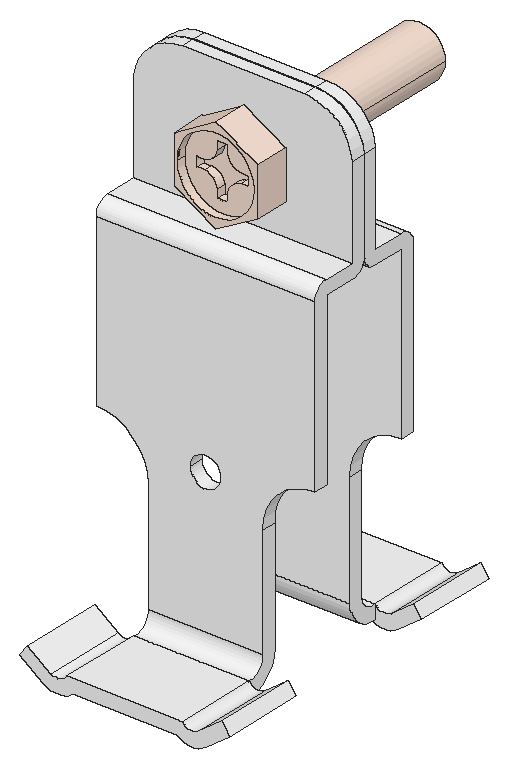
Revit family "耐風圧Sクリップ(C38用)", category 機械設備, Revit 2020
Family settings
  丸型コネクタ寸法 = 直径を使用
  種別 = なし
  パーツ タイプ = 標準
  作業面ベース = いいえ
  常に垂直 = はい
  ロード時にボイドで切り取り = いいえ
  共有 = いいえ
  部屋計算ポイント = いいえ
Parameters
  製造元 = "株式会社桐井製作所"
  既定の高さ = 0 mm
  URL = "https://www.kirii.co.jp/"
  K_品名 = "耐風圧Sクリップ(C38用)"
  K_名称 = "耐風圧クリップ"
  K_入数 = "300"
  K_バージョン情報 = "20210714"
Reference planes
  plane 1 "中心(正面/背面)": y = 0
  plane 2: z = 0
  plane 3 "中心(左/右)": x = 0
  plane 4: x = 12.498
  plane 5: x = -12.5
Forms (mm)
  Extrusion 1, solid
    sketch origin (-0.054, 0, 0) x (0, 1, 0) y (0, 0, 1)
      loop
        line (-1.6, 43.2) -> (-5.4, 43.2)
        arc (-5.4, 43.2) -> (-6.54, 42.728) -> (-7.013, 41.587) r 1.613
        line (-7.013, 41.587) -> (-7.013, 3.398)
        arc (-7.013, 3.398) -> (-7.546, 1.99) -> (-9, 1.6) r 1.651
        line (-9, 1.6) -> (-9, 0)
        arc (-9, 0) -> (-6.482, 0.789) -> (-5.4, 3.197) r 3.219
        line (-5.4, 3.197) -> (-5.4, 41.6) -> (-1.6, 41.6)
        arc (-1.6, 41.6) -> (-0.469, 42.069) -> (0, 43.2) r 1.6
        line (0, 43.2) -> (0, 58.6) -> (-1.6, 58.6) -> (-1.6, 43.2)
    from -12.446 to 12.552
  Extrusion 2, void
    sketch origin (-0.054, 0, 0) x (1, 0, 0) y (0, 0, 1)
      loop
        line (6.606, 16.2) -> (6.606, -1.592) -> (12.552, -1.592) -> (12.552, 22.2)
        arc (12.552, 22.2) -> (8.344, 20.424) -> (6.606, 16.2) r 6
    from 5.052 to 9
  Extrusion 3, void
    sketch origin (-0.054, 0, 0) x (-1, 0, 0) y (0, 0, -1)
      loop
        arc (6.498, -16.2) -> (8.255, -20.443) -> (12.498, -22.2) r 6
        line (12.498, -22.2) -> (12.498, 1.592) -> (6.498, 1.592) -> (6.498, -16.2)
    from 5.052 to 9
  Extrusion 4, solid
    sketch origin (-0.054, 0, 0) x (1, 0, 0) y (0, 0, 1)
      loop
        line (6.606, 1.6) -> (-6.608, 1.6)
        arc (-6.608, 1.6) -> (-7.436, 1.023) -> (-8.421, 1.247) r 1.25
        line (-8.421, 1.247) -> (-11.046, 3.197) -> (-12, 1.912) -> (-9.375, -0.038)
        arc (-9.375, -0.038) -> (-7.644, -0.6) -> (-5.927, 0) r 2.85
        line (-5.927, 0) -> (5.925, 0)
        arc (5.925, 0) -> (7.642, -0.6) -> (9.373, -0.038) r 2.85
        line (9.373, -0.038) -> (11.998, 1.912) -> (11.044, 3.197) -> (8.419, 1.247)
        arc (8.419, 1.247) -> (7.434, 1.023) -> (6.606, 1.6) r 1.25
    from 9 to 18.5
  Extrusion 5, solid
    sketch origin (-0.054, 0, 0) x (0, -1, 0) y (0, 0, -1)
      loop
        line (-1.6, -43.2) -> (-1.6, -58.6) -> (0, -58.6) -> (0, -43.2)
        arc (0, -43.2) -> (-0.469, -42.069) -> (-1.6, -41.6) r 1.6
        line (-1.6, -41.6) -> (-5.4, -41.6) -> (-5.4, -3.197)
        arc (-5.4, -3.197) -> (-6.482, -0.789) -> (-9, 0) r 3.219
        line (-9, 0) -> (-9, -1.6)
        arc (-9, -1.6) -> (-7.546, -1.99) -> (-7.013, -3.398) r 1.651
        line (-7.013, -3.398) -> (-7.013, -41.587)
        arc (-7.013, -41.587) -> (-6.54, -42.728) -> (-5.4, -43.2) r 1.613
        line (-5.4, -43.2) -> (-1.6, -43.2)
    from -12.446 to 12.552
  Extrusion 6, void
    sketch origin (-0.054, 0, 0) x (1, 0, 0) y (0, 0, -1)
      loop
        arc (6.606, -16.2) -> (8.344, -20.424) -> (12.552, -22.2) r 6
        line (12.552, -22.2) -> (12.552, 1.592) -> (6.606, 1.592) -> (6.606, -16.2)
    from 5.052 to 9
  Extrusion 7, void
    sketch origin (-0.054, 0, 0) x (-1, 0, 0) y (0, 0, 1)
      loop
        line (6.498, 16.2) -> (6.498, -1.592) -> (12.498, -1.592) -> (12.498, 22.2)
        arc (12.498, 22.2) -> (8.255, 20.443) -> (6.498, 16.2) r 6
    from 5.052 to 9
  Extrusion 8, solid
    sketch origin (-0.054, 0, 0) x (1, 0, 0) y (0, 0, -1)
      loop
        arc (6.606, -1.6) -> (7.434, -1.023) -> (8.419, -1.247) r 1.25
        line (8.419, -1.247) -> (11.044, -3.197) -> (11.998, -1.912) -> (9.373, 0.038)
        arc (9.373, 0.038) -> (7.642, 0.6) -> (5.925, 0) r 2.85
        line (5.925, 0) -> (-5.927, 0)
        arc (-5.927, 0) -> (-7.644, 0.6) -> (-9.375, 0.038) r 2.85
        line (-9.375, 0.038) -> (-12, -1.912) -> (-11.046, -3.197) -> (-8.421, -1.247)
        arc (-8.421, -1.247) -> (-7.436, -1.023) -> (-6.608, -1.6) r 1.25
        line (-6.608, -1.6) -> (6.606, -1.6)
    from 9 to 18.5
  Extrusion 9, void
    sketch origin (-12.499, 1.6, 0) x (1, 0, 0) y (0, 0, 1)
      loop
        arc (19.497, 58.6) -> (23.213, 57.163) -> (24.997, 53.6) r 5.525
        line (24.997, 53.6) -> (24.997, 58.6) -> (19.497, 58.6)
      loop
        line (5.499, 58.6) -> (-0.001, 58.6) -> (-0.001, 53.6)
        arc (-0.001, 53.6) -> (1.782, 57.163) -> (5.499, 58.6) r 5.525
    from 1.6 to 3.2
  Extrusion 10, void
    sketch origin (-12.499, -1.6, 0) x (1, 0, 0) y (0, 0, -1)
      loop
        line (19.497, -58.6) -> (24.997, -58.6) -> (24.997, -53.6)
        arc (24.997, -53.6) -> (23.213, -57.163) -> (19.497, -58.6) r 5.525
      loop
        arc (5.499, -58.6) -> (1.782, -57.163) -> (-0.001, -53.6) r 5.525
        line (-0.001, -53.6) -> (-0.001, -58.6) -> (5.499, -58.6)
    from 1.6 to 3.2
  Extrusion 11, void
    sketch origin (-12.498, 0, -0.025) x (1, 0, 0) y (0, 0, 1)
      loop
        circle (12.498, 49.625) r 3.5
    from 0 to 1.6
  Extrusion 12, void
    sketch origin (-12.498, 0, -0.025) x (1, 0, 0) y (0, 0, -1)
      loop
        circle (12.498, -49.625) r 3.5
    from 0 to 1.6
  Extrusion 13, solid
    sketch origin (-25.005, 4.4, -3.598) x (1, 0, 0) y (0, 0, -1)
      loop
        circle (25.005, -53.148) r 4.7
      loop
        circle (25.005, -53.198) r 3.5
    from -2.8 to -1.6
  Extrusion 14, void
    sketch origin (0, 0, 0) x (1, 0, 0) y (0, 0, 1)
      loop
        circle (0, 19.821) r 1.75
    from 5.4 to 7.013
  Extrusion 15, void
    sketch origin (0, 0, 0) x (1, 0, 0) y (0, 0, -1)
      loop
        circle (0, -19.821) r 1.75
    from 5.4 to 7.013
Cuts and joins
  Extrusion 2, Extrusion 3, Extrusion 6, Extrusion 9, Extrusion 10, Extrusion 11, Extrusion 12, Extrusion 14, Extrusion 15 cuts Extrusion 1
  Extrusion 6, Extrusion 9, Extrusion 10, Extrusion 11, Extrusion 12, Extrusion 14, Extrusion 15 cuts Extrusion 4
  joined: Extrusion 1, Extrusion 4
  Extrusion 6, Extrusion 7, Extrusion 10, Extrusion 12, Extrusion 15 cuts Extrusion 5
  Extrusion 6, Extrusion 10, Extrusion 12 cuts Extrusion 8
  joined: Extrusion 5, Extrusion 8
Dimensions and locks
  aligned and locked: level to plane 2
  aligned and locked: Extrusion 2 to Extrusion 3
  aligned and locked: Extrusion 6 to Extrusion 7
Nested families
  nested 1: "M6×25ボルト" at (0.045, -1.604, 49.77) x (-1, 0, 0) z (0, 0, 1), type "M6×25ボルト"
Definition of nested family "M6×25ボルト"
  Parameters (values of type "M6×25ボルト")
    Manufacturer = "株式会社桐井製作所"
    Default Elevation = 0 mm
    URL = "https://www.kirii.co.jp/"
    K_材料規格 = "M6×L25"
    K_品名 = "M6×25ボルト"
    K_名称 = "ボルト"
    K_備考 = "RPハンガー・RPフリーハンガー付属品"
  Reference planes
    plane 1 "中心(正面/背面)": y = 0
    plane 2: z = 0
    plane 3 "中心(左/右)": x = 0
    plane 4: x = 10
    plane 5: x = -10
    plane 6 "正面": y = -4
  Forms (mm)
    Extrusion 1, solid
      sketch origin (0, 0, 0) x (1, 0, 0) y (0, 0, 1)
        loop
          line (-4.763, -2.946) -> (0, -5.696) -> (4.763, -2.946) -> (4.763, 2.554) -> (0, 5.304) -> (-4.763, 2.554) -> (-4.763, -2.946)
      from 0 to 4
    Extrusion 2, void
      sketch origin (0, -4, 0) x (-1, 0, 0) y (0, 0, 1)
        loop
          circle (0, -0.156) r 4.396
      from 0 to 1
    Extrusion 3, void
      sketch origin (0, -4, 0) x (-1, 0, 0) y (0, 0, 1)
        loop
          arc (-0.6, 1.814) -> (-1.069, 0.856) -> (-2.036, 0.404) r 1.605
          line (-2.036, 0.404) -> (-2.939, 0.404)
          arc (-2.939, 0.404) -> (-3, -0.195) -> (-2.94, -0.795) r 3
          line (-2.94, -0.795) -> (-2.049, -0.795)
          arc (-2.049, -0.795) -> (-1.074, -1.243) -> (-0.6, -2.206) r 1.605
          line (-0.6, -2.206) -> (-0.6, -3.135)
          arc (-0.6, -3.135) -> (0, -3.196) -> (0.6, -3.135) r 3
          line (0.6, -3.135) -> (0.6, -2.206)
          arc (0.6, -2.206) -> (1.074, -1.243) -> (2.049, -0.795) r 1.605
          line (2.049, -0.795) -> (2.94, -0.795)
          arc (2.94, -0.795) -> (3, -0.198) -> (2.941, 0.398) r 3
          line (2.941, 0.398) -> (2.117, 0.398)
          arc (2.117, 0.398) -> (1.098, 0.828) -> (0.6, 1.814) r 1.605
          line (0.6, 1.814) -> (0.6, 2.743)
          arc (0.6, 2.743) -> (0, 2.804) -> (-0.6, 2.743) r 3
          line (-0.6, 2.743) -> (-0.6, 1.814)
      from 0 to 2
    Extrusion 4, solid
      sketch origin (0, 0, 0) x (1, 0, 0) y (0, 0, 1)
        loop
          circle (-0.011, -0.2) r 3
      from 0 to -25
  Cuts and joins
    Extrusion 2, Extrusion 3 cuts Extrusion 1
    joined: Extrusion 1, Extrusion 4
  Dimensions and locks
    aligned and locked: level to plane 2
